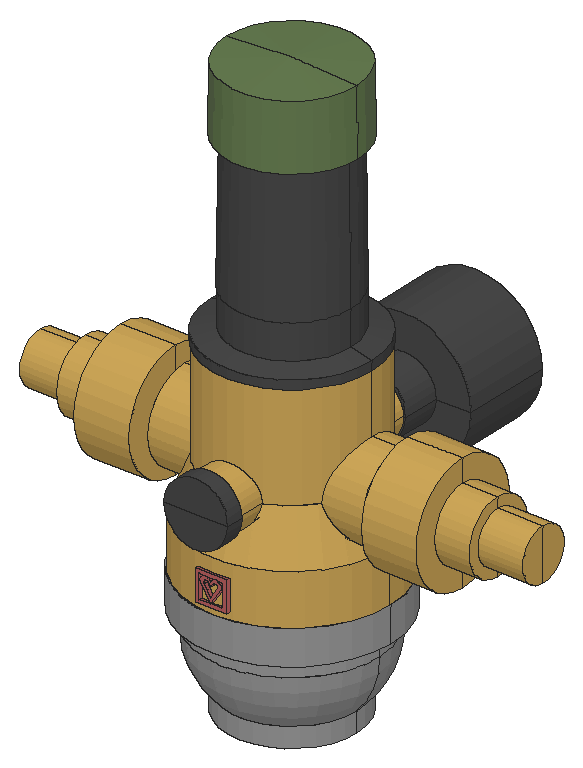
Revit family "Мембранный редуктор давления с крышкой фильтрующего элемента из прозрачного пластика 2682", category Rohrzubehör, Revit 2019
Family settings
  Bemaßung runder Anschluss = Durchmesser verwenden
  Teiletyp = Unterbricht
  OmniClass-Nummer = 23.65.55.14
  OmniClass-Titel = Valves for Liquid Services
  Arbeitsebenenbasiert = Nein
  Immer vertikal = Ja
  Beim Laden mit Abzugskörper schneiden = Nein
  Gemeinsam genutzt = Nein
Parameters (values of type "Манометр сзади")
  Фильтрующий элемент = "нержавеющая сталь, размер ячейки 0.3 мм"  # constant formula
  Пружина = "пружинная сталь"  # constant formula
  Примечание = "В соответствии со статьей 33 Регламента REACH (Registration; Evaluation; Authorisation; Restriction of Chemicals) (EC № 1907/2006) мы обязаны указать, что свинец внесен в список SVHC (Substances of Very High Concern - вещества очень высокой важности) и весовой процент свинца во всех латунных компонентах заводского изготовления в наших изделиях, превышает 0,1 % (w/w) (CAS: 7439-92-1 / EINECS: 231-100-4).\r\nПоскольку свинец является легирующим компонентом сплава, прямое негативное влияние исключается, и поэтому дополнительной информации о безопасном использовании не требуется."
  Область применения = "Мембранный редуктор давления защищает установки от избыточного давления (снижает давление на входе до рабочего уровня).\r\nРедуктор также может использоваться в системах отопления для защиты водонагревателя от высокого давления.\r\nДавление на выходе настраивается в указанном диапазоне и не зависит от изменения давления на входе.\r\nДавление на выходе можно регулировать путем поворота зеленого маховика. \r\nПри повороте маховика по часовой стрелке увеличивается давление на выходе.\r\nПревышение значений, указанных на шкале редуктора, может привести к повреждению устройства.\r\nДля систем в частных домах рекомендуется установить давление на выходе равным 4 бара, что обеспечивает длительный срок службы изделия и низкие затраты во время его эксплуатации.\r\nПосле изменения настройки необходимо открыть и затем закрыть водоразборный кран и далее проконтролировать достигнутое значение настроенного давления по манометру при закрытом кране водоразбора."
  Номер заказа [instance] = size_lookup("2682_K_", "Artnr", 0, Nennweite)  # 1268211
  Направляющая пружины = "нержавеющая сталь"  # constant formula
  Маховик = "пластик PA6.6, зеленого цвета"  # constant formula
  Макс. рабочая температура = 40 °C  # constant formula
  Букса = "PA6.6"  # constant formula
  Заводская настройка давления на выходе = 300000.0 Pa  # constant formula
  W01 = 91.00°  # constant formula
  Vorne [instance] = no
  VRL03 [instance] = size_lookup("2682_K_", "VRL3", 1.000 mm, Nennweite)  # 23.500 mm
  VRL02 [instance] = size_lookup("2682_K_", "VRL2", 1.000 mm, Nennweite)  # 16.000 mm
  VRL01 [instance] = size_lookup("2682_K_", "VRL1", 1.000 mm, Nennweite)  # 73.500 mm
  VRD02 [instance] = size_lookup("2682_K_", "VRD2", 1.000 mm, Nennweite)  # 17.000 mm
  VRD01 [instance] = size_lookup("2682_K_", "VRD1", 1.000 mm, Nennweite)  # 10.500 mm
  VRAG [instance] = Nennweite / 2  # 7.500 mm
  URL = "www.herz-armaturen.ru"
  Стандарт = "EN 1567"  # constant formula
  SC_NennweiteBerechnet = 0
  SC_Dimension = ""
  SCTWSEQ = "AW;SBT_TYP_AW=\"111\";2"
  SCTWCODE = "04;24;02"  # constant formula
  S02 = 10.000 mm  # constant formula
  S01 [instance] = VRD02 * 2  # 34.000 mm
  R07 [instance] = R05 + 0.800 mm  # 9.300 mm
  R06 = 19.500 mm  # constant formula
  R05 [instance] = size_lookup("2682_K_", "R5", 1.000 mm, Nennweite)  # 8.500 mm
  R04 [instance] = size_lookup("2682_K_", "R4", 1.000 mm, Nennweite)  # 18.900 mm
  R03 [instance] = size_lookup("2682_K_", "R3", 1.000 mm, Nennweite)  # 19.250 mm
  R02 [instance] = size_lookup("2682_K_", "R2", 1.000 mm, Nennweite)  # 28.750 mm
  R01 [instance] = size_lookup("2682_K_", "R1", 1.000 mm, Nennweite)  # 23.250 mm
  Nennweite [instance] = 15.000 mm
  Мембрана = "EPDM"  # constant formula
  Среда = "Питьевая вода"  # constant formula
  Макс. давление на входе = 1600000.0 Pa  # constant formula
  Шкала манометра = "0 - 10 bar"  # constant formula
  Подключение манометра (с обеих сторон) = "1/4\" F (ISO 228-1)"
  LO01 [instance] = H02 - 2.000 mm  # 27.000 mm
  L01 [instance] = size_lookup("2682_K_", "L1", 1.000 mm, Nennweite)  # 10.600 mm
  L00 [instance] = size_lookup("2682_K_", "L", 1.000 mm, Nennweite)  # 84.000 mm
  Крышка = "пластик PA12, прозрачный"  # constant formula
  Соединение "американка" = "латунь CW617N"  # constant formula
  Hinten [instance] = yes
  Hersteller = "HERZ Armaturen Ges.m.b.H."  # constant formula
  H12 [instance] = size_lookup("2682_K_", "H12", 1.000 mm, Nennweite)  # 5.800 mm
  H11 [instance] = size_lookup("2682_K_", "H11", 1.000 mm, Nennweite)  # 10.000 mm
  H10 [instance] = size_lookup("2682_K_", "H10", 1.000 mm, Nennweite)  # 37.000 mm
  H09 [instance] = H01 + H04 - H05  # 84.500 mm
  H08 [instance] = size_lookup("2682_K_", "H8", 1.000 mm, Nennweite)  # 20.000 mm
  H07 [instance] = size_lookup("2682_K_", "H7", 1.000 mm, Nennweite)  # 10.000 mm
  H06 [instance] = size_lookup("2682_K_", "H6", 1.000 mm, Nennweite)  # 2.500 mm
  H05 [instance] = size_lookup("2682_K_", "H5", 1.000 mm, Nennweite)  # 4.700 mm
  H04 [instance] = size_lookup("2682_K_", "H4", 1.000 mm, Nennweite)  # 58.700 mm
  H03 [instance] = D02 + 1.000 mm  # 14.220 mm
  H02 [instance] = size_lookup("2682_K_", "H2", 1.000 mm, Nennweite)  # 29.000 mm
  H01 [instance] = size_lookup("2682_K_", "H1", 1.000 mm, Nennweite)  # 30.500 mm
  Корпус (DN32-DN50) = "литая латунь (EN 1982; CC770S)"  # constant formula
  Корпус (DN15-DN25) = "штампованная латунь (EN 12165; CW626N)"  # constant formula
  GT1 [instance] = size_lookup("2682_K_", "GT1", 1.000 mm, Nennweite)  # 12.000 mm
  GT [instance] = size_lookup("2682_K_", "GT", 1.000 mm, Nennweite)  # 13.200 mm
  Диапазон настройки выходного давления = "1.5 - 6 bar"  # constant formula
  Уплотнение в мембранном редукторе = "EPDM"  # constant formula
  Уплотнение соединения "американка" = "Klingersil C-4324"  # constant formula
  D09 [instance] = size_lookup("2682_K_", "D9", 1.000 mm, Nennweite)  # 19.000 mm
  D08 [instance] = size_lookup("2682_K_", "D8", 1.000 mm, Nennweite)  # 25.800 mm
  D07 [instance] = size_lookup("2682_K_", "D7", 1.000 mm, Nennweite)  # 29.000 mm
  D06 [instance] = size_lookup("2682_K_", "D6", 1.000 mm, Nennweite)  # 16.000 mm
  D05 [instance] = size_lookup("2682_K_", "D5", 1.000 mm, Nennweite)  # 16.800 mm
  D04 [instance] = size_lookup("2682_K_", "D4", 1.000 mm, Nennweite)  # 17.300 mm
  D03 [instance] = size_lookup("2682_K_", "D3", 1.000 mm, Nennweite)  # 23.500 mm
  D02 [instance] = size_lookup("2682_K_", "D2", 1.000 mm, Nennweite)  # 13.220 mm
  D01 [instance] = size_lookup("2682_K_", "D1", 1.000 mm, Nennweite)  # 9.525 mm
  B03 = 5.000 mm  # constant formula
  B02 = 26.000 mm  # constant formula
  B01 [instance] = size_lookup("2682_K_", "B1", 1.000 mm, Nennweite)  # 30.000 mm
  B00 [instance] = size_lookup("2682_K_", "B", 1.000 mm, Nennweite)  # 67.000 mm
  Наружная резьба подключения = "в соответствии с ISO 7-1 и ISO228"  # constant formula
Types (3, lengths in mm): name | Vorne | Hinten
  (no name) | no | yes
  Манометр спереди | yes | no
  Манометр сзади | no | yes
Reference planes
  plane 1 "Mitte (Vorne/hinten)": y = 0
  plane 2: z = 0
  plane 3 "Mitte (Links/rechts)": x = 0
Forms (mm)
  Revolve 1, solid, material "Messing, weicher Gelbton, geschweißt", detail levels fine
    sketch origin (0, 0, 0) x (1, 0, 0) y (0, 0, 1)
      loop
        line (-42, 0) -> (42, 0) -> (42, 9.525) -> (31.4, 9.525) -> (31.4, 13.22) -> (-31.4, 13.22) -> (-31.4, 9.525) -> (-42, 9.525) -> (-42, 0)
      axis (-42, 0) -> (42, 0)
    angle from 0 to 360
  Revolve 2, solid, material "Messing, weicher Gelbton, geschweißt", detail levels fine
    sketch origin (0, 0, 0) x (1, 0, 0) y (0, 0, 1)
      loop
        line (0, -29) -> (28.75, -29) -> (28.75, -14.22) -> (23.25, 0) -> (23.25, 30.5) -> (0, 30.5) -> (0, -29)
      axis (0, 30.5) -> (0, -29)
    angle from 0 to 360
  Revolve 3, solid, material "Acetalharz, Schwarz", detail levels fine
    sketch origin (0, 0, 0) x (1, 0, 0) y (0, 0, 1)
      loop
        line (0, 30.5) -> (0, 89.2) -> (-16, 89.2) -> (-16, 84.5) -> (-16.8, 84.5) -> (-17.3, 44.5) -> (-17.3, 34.5) -> (-23.5, 33) -> (-23.5, 30.5) -> (0, 30.5)
      axis (0, 89.2) -> (0, 30.5)
    angle from 0 to 360
  Revolve 4, solid, material "Kunststoff GRÜN", detail levels fine
    sketch origin (0, 0, 0) x (1, 0, 0) y (0, 0, 1)
      loop
        line (0, 84.5) -> (19.25, 84.5) -> (18.9, 103.392)
        arc (18.9, 103.392) -> (9.466, 104.223) -> (0, 104.5) r 161.794
        line (0, 104.5) -> (0, 84.5)
      axis (0, 104.5) -> (0, 84.5)
    angle from 0 to 360
  Revolve 5, solid, material "Kunststoff, transparent", detail levels fine
    sketch origin (0, 0, 0) x (1, 0, 0) y (0, 0, 1)
      loop
        line (0, -29) -> (0, -66) -> (19, -66) -> (19, -60.2)
        arc (19, -60.2) -> (24.034, -52.577) -> (25.8, -43.615) r 23.626
        line (25.8, -43.615) -> (25.8, -39) -> (29, -39) -> (29, -29) -> (0, -29)
      axis (0, -29) -> (0, -66)
    angle from 0 to 360
  Revolve 6, solid, material "Messing, weicher Gelbton, geschweißt", detail levels fine
    sketch origin (0, 0, 0) x (1, 0, 0) y (0, 0, 1)
      loop
        line (34, 9.525) -> (46, 9.525) -> (46, 0) -> (73.5, 0) -> (73.5, 7.5) -> (60.3, 7.5) -> (60.3, 10.5) -> (50, 10.5) -> (50, 17) -> (34, 17) -> (34, 9.525)
      loop
        line (-34, 9.525) -> (-34, 17) -> (-50, 17) -> (-50, 10.5) -> (-60.3, 10.5) -> (-60.3, 7.5) -> (-73.5, 7.5) -> (-73.5, 0) -> (-46, 0) -> (-46, 9.525) -> (-34, 9.525)
      axis (-73.5, 0) -> (73.5, 0)
    angle from 0 to 360
  Revolve 7, solid, material "Messing, weicher Gelbton, geschweißt", detail levels fine
    sketch origin (0, 0, 0) x (1, 0, 0) y (0, 1, 0)
      loop
        line (0, 30) -> (0, -30) -> (8.5, -30) -> (8.5, 30) -> (0, 30)
      axis (0, 30) -> (0, -30)
    angle from 0 to 360
  Revolve 8, solid, material "Acetalharz, Schwarz", visible <- "Vorne", detail levels fine
    sketch origin (0, 0, 0) x (1, 0, 0) y (0, 1, 0)
      loop
        line (0, -30) -> (0, -65) -> (17.5, -65) -> (17.5, -67) -> (19.5, -67) -> (19.5, -41) -> (9.3, -41) -> (9.3, -30) -> (0, -30)
      axis (0, -30) -> (0, -67)
    angle from 0 to 360
  Revolve 9, solid, material "Acetalharz, Schwarz", visible <- "Vorne", detail levels fine
    sketch origin (0, 0, 0) x (1, 0, 0) y (0, 1, 0)
      loop
        line (0, 30) -> (9.3, 30) -> (9.3, 35) -> (0, 35) -> (0, 30)
      axis (0, 35) -> (0, 30)
    angle from 0 to 360
  Revolve 10, solid, material "Acetalharz, Schwarz", visible <- "Hinten", detail levels fine
    sketch origin (0, 0, 0) x (1, 0, 0) y (0, -1, 0)
      loop
        line (0, 30) -> (9.3, 30) -> (9.3, 35) -> (0, 35) -> (0, 30)
      axis (0, 35) -> (0, 30)
    angle from 0 to 360
  Revolve 11, solid, material "Acetalharz, Weiß", visible <- "Vorne", detail levels fine
    sketch origin (0, 0, 0) x (1, 0, 0) y (0, 1, 0)
      loop
        line (0, -65) -> (0, -66.5) -> (17.5, -66.5) -> (17.5, -65) -> (0, -65)
      axis (0, -65) -> (0, -66.5)
    angle from 0 to 360
  Revolve 12, solid, material "Acetalharz, Schwarz", visible <- "Hinten", detail levels fine
    sketch origin (0, 0, 0) x (1, 0, 0) y (0, -1, 0)
      loop
        line (0, -30) -> (0, -65) -> (17.5, -65) -> (17.5, -67) -> (19.5, -67) -> (19.5, -41) -> (9.3, -41) -> (9.3, -30) -> (0, -30)
      axis (0, -30) -> (0, -67)
    angle from 0 to 360
  Revolve 13, solid, material "Acetalharz, Weiß", visible <- "Hinten", detail levels fine
    sketch origin (0, 0, 0) x (1, 0, 0) y (0, -1, 0)
      loop
        line (0, -65) -> (0, -66.5) -> (17.5, -66.5) -> (17.5, -65) -> (0, -65)
      axis (0, -65) -> (0, -66.5)
    angle from 0 to 360
Lines and regions (mm)
  model lines, detail levels coarse+medium
    curve 1: line (-42, 0, -17) -> (-42, 0, 17)
    curve 2: line (-42, 0, 17) -> (42, 0, -34)
    curve 3: line (42, 0, -34) -> (42, 0, 34)
    curve 4: line (42, 0, 34) -> (-42, 0, -17)
    curve 5: line (-42, 0, 17) -> (-52, 0, 17)
    curve 6: line (-52, 0, 17) -> (-42, 0, 0)
    curve 7: line (-42, 0, -17) -> (-52, 0, -17)
    curve 8: line (-52, 0, -17) -> (-42, 0, 0)
    curve 9: line (-42, 0, 0) -> (-73.5, 0, 0)
    curve 10: line (42, 0, 17) -> (52, 0, 17)
    curve 11: line (52, 0, 17) -> (42, 0, 0)
    curve 12: line (42, 0, -17) -> (52, 0, -17)
    curve 13: line (52, 0, -17) -> (42, 0, 0)
    curve 14: line (42, 0, 0) -> (73.5, 0, 0)
    curve 15: line (-42, -17, 0) -> (-42, 17, 0)
    curve 16: line (-42, 17, 0) -> (42, -34, 0)
    curve 17: line (42, -34, 0) -> (42, 34, 0)
    curve 18: line (42, 34, 0) -> (-42, -17, 0)
    curve 19: line (-42, 17, 0) -> (-52, 17, 0)
    curve 20: line (-52, 17, 0) -> (-42, 0, 0)
    curve 21: line (-42, -17, 0) -> (-52, -17, 0)
    curve 22: line (-52, -17, 0) -> (-42, 0, 0)
    curve 23: line (42, 0, -17) -> (42, 0, 17)
    curve 24: line (42, 0, 17) -> (52, 0, 17)
    curve 25: line (52, 0, 17) -> (42, 0, 0)
    curve 26: line (42, 17, 0) -> (52, 17, 0)
    curve 27: line (52, 17, 0) -> (42, 0, 0)
    curve 28: line (42, -17, 0) -> (52, -17, 0)
    curve 29: line (52, -17, 0) -> (42, 0, 0)
Dimensions and locks
  equal spacing: Revolve 1 sketch curve, plane 3 "Mitte (Links/rechts)", Revolve 1 sketch curve
  "L00": Revolve 1 sketch curve to Revolve 1 sketch curve
  "L01": Revolve 1 sketch curve to Revolve 1 sketch curve  (x2)
  "D01": Revolve 1 sketch curve to Revolve 1 sketch curve  (x2)
  "D02": Revolve 1 sketch curve to plane 2
  "R01": Revolve 2 sketch curve to Revolve 2 sketch curve
  "R02": Revolve 2 sketch curve to Revolve 2 sketch curve
  "H01": Revolve 2 sketch curve to plane 2
  "H02": plane 2 to Revolve 2 sketch curve
  "H03": plane 2 to Revolve 2 sketch curve
  "H01": Revolve 3 sketch curve to plane 2
  "H04": Revolve 3 sketch curve to Revolve 3 sketch curve
  "H05": Revolve 3 sketch curve to Revolve 3 sketch curve
  "H06": Revolve 3 sketch curve to Revolve 3 sketch curve
  "H07": Revolve 3 sketch curve to Revolve 3 sketch curve
  "D03": Revolve 3 sketch curve to Revolve 3 sketch curve
  "D04": Revolve 3 sketch curve to Revolve 3 sketch curve
  "D05": Revolve 3 sketch curve to Revolve 3 sketch curve
  "D06": Revolve 3 sketch curve to Revolve 3 sketch curve
  "R03": Revolve 4 sketch curve to Revolve 4 sketch curve
  "H08": Revolve 4 sketch curve to Revolve 4 sketch curve
  "R04": Revolve 4 sketch curve to plane 3 "Mitte (Links/rechts)"
  "H09": Revolve 4 sketch curve to plane 2
  "H10": Revolve 5 sketch curve to Revolve 5 sketch curve
  "H02": plane 2 to Revolve 5 sketch curve
  "D07": Revolve 5 sketch curve to Revolve 5 sketch curve
  "H11": Revolve 5 sketch curve to Revolve 5 sketch curve
  "D08": Revolve 5 sketch curve to Revolve 5 sketch curve
  "H12": Revolve 5 sketch curve to Revolve 5 sketch curve
  "D09": Revolve 5 sketch curve to Revolve 5 sketch curve
  "VRL02": Revolve 6 sketch curve to Revolve 6 sketch curve  (x2)
  "VRL01": Revolve 6 sketch curve to plane 3 "Mitte (Links/rechts)"
  "GT": Revolve 6 sketch curve to Revolve 6 sketch curve  (x2)
  "VRL03": Revolve 6 sketch curve to Revolve 6 sketch curve  (x2)
  "D01": Revolve 6 sketch curve to plane 2  (x2)
  "GT1": Revolve 6 sketch curve to Revolve 6 sketch curve  (x2)
  "VRAG": Revolve 6 sketch curve to plane 2  (x2)
  "VRD01": Revolve 6 sketch curve to plane 2  (x2)
  "VRD02": Revolve 6 sketch curve to Revolve 6 sketch curve  (x2)
  "VRL01": plane 3 "Mitte (Links/rechts)" to Revolve 6 sketch curve
  "B01": Revolve 7 sketch curve to plane 1 "Mitte (Vorne/hinten)" to Revolve 7 sketch curve
  "R05": Revolve 7 sketch curve to Revolve 7 sketch curve
  "B00": Revolve 8 sketch curve to plane 1 "Mitte (Vorne/hinten)"
  "B01": plane 1 "Mitte (Vorne/hinten)" to Revolve 8 sketch curve
  "B02": Revolve 8 sketch curve to Revolve 8 sketch curve
  "R06": Revolve 8 sketch curve to Revolve 8 sketch curve
  "R07": Revolve 8 sketch curve to Revolve 8 sketch curve
  "R02": nested 1 to plane 1 "Mitte (Vorne/hinten)"
  "LO01": plane 2 to nested 1
  "VRD02": curve 2 to plane 2 to curve 4
  "S01": curve 4 to plane 2 to curve 3
  equal spacing: curve 3, plane 3 "Mitte (Links/rechts)", curve 1
  "L00": curve 3 to curve 1
  "S02": curve 1 to curve 6
  "S02": curve 1 to curve 8
  "VRL01": plane 3 "Mitte (Links/rechts)" to curve 9
  "S02": curve 11 to curve 3
  "S02": curve 13 to curve 3
  "VRL01": curve 14 to plane 3 "Mitte (Links/rechts)"
  "VRD02": curve 10 to plane 2 to curve 12
  equal spacing: curve 15, plane 3 "Mitte (Links/rechts)", curve 17
  "L00": curve 15 to curve 17
  "VRD02": curve 18 to plane 1 "Mitte (Vorne/hinten)" to curve 16
  "S01": curve 17 to plane 1 "Mitte (Vorne/hinten)" to curve 18
  "S02": curve 20 to curve 15
  "S02": curve 22 to curve 15
  "S02": curve 17 to curve 27
  "S02": curve 17 to curve 29
  "VRD02": curve 28 to plane 1 "Mitte (Vorne/hinten)" to curve 26
  "R07": Revolve 9 sketch curve to Revolve 9 sketch curve
  "B01": plane 1 "Mitte (Vorne/hinten)" to Revolve 9 sketch curve
  "B03": Revolve 9 sketch curve to Revolve 9 sketch curve
  "R07": Revolve 10 sketch curve to Revolve 10 sketch curve
  "B03": Revolve 10 sketch curve to Revolve 10 sketch curve
  "B01": Revolve 10 sketch curve to plane 1 "Mitte (Vorne/hinten)"
  "B02": Revolve 12 sketch curve to Revolve 12 sketch curve
  "R06": Revolve 12 sketch curve to Revolve 12 sketch curve
  "R07": Revolve 12 sketch curve to Revolve 12 sketch curve
  aligned and locked: level to plane 2
Automatic sketch dimensions
  Revolve 11 sketch curve to plane 3 "Mitte (Links/rechts)" = 0.000 mm  (x2)
  plane 3 "Mitte (Links/rechts)" to Revolve 11 sketch curve = 17.500 mm
  plane 1 "Mitte (Vorne/hinten)" to Revolve 11 sketch curve = 66.500 mm
  Revolve 11 sketch curve to Revolve 11 sketch curve = 1.500 mm
  Revolve 11 sketch curve to Revolve 11 sketch curve = 1933.500 mm
  Revolve 11 sketch curve to plane 1 "Mitte (Vorne/hinten)" = 2000.000 mm
  Revolve 13 sketch curve to plane 3 "Mitte (Links/rechts)" = 0.000 mm  (x2)
  Revolve 13 sketch curve to plane 3 "Mitte (Links/rechts)" = 17.500 mm
  plane 1 "Mitte (Vorne/hinten)" to Revolve 13 sketch curve = 66.500 mm
  Revolve 13 sketch curve to Revolve 13 sketch curve = 1.500 mm
  Revolve 13 sketch curve to Revolve 13 sketch curve = 1933.500 mm
  Revolve 13 sketch curve to plane 1 "Mitte (Vorne/hinten)" = 2000.000 mm
  curve 25 to level = 0.000 mm
  curve 14 to level = 0.000 mm
  curve 6 to level = 0.000 mm
  curve 8 to level = 0.000 mm
  curve 24 to curve 10 = 0.000 mm
  plane 1 "Mitte (Vorne/hinten)" to curve 29 = 0.000 mm
  plane 1 "Mitte (Vorne/hinten)" to curve 20 = 0.000 mm
  Revolve 1 sketch curve to level = 0.000 mm  (x2)
  Revolve 1 sketch curve to Revolve 1 sketch curve = 1464.530 mm
  Revolve 1 sketch curve to Revolve 1 sketch curve = 1797.148 mm
  Revolve 2 sketch curve to plane 3 "Mitte (Links/rechts)" = 0.000 mm  (x2)
  Revolve 2 sketch curve to level = 0.000 mm
  Revolve 2 sketch curve to Revolve 2 sketch curve = 337.045 mm
  Revolve 2 sketch curve to Revolve 2 sketch curve = 2183.815 mm
  Revolve 3 sketch curve to plane 3 "Mitte (Links/rechts)" = 0.000 mm  (x2)
  Revolve 3 sketch curve to Revolve 3 sketch curve = 1.500 mm
  Revolve 3 sketch curve to level = 366.045 mm
  Revolve 3 sketch curve to Revolve 3 sketch curve = 2125.115 mm
  Revolve 4 sketch curve to plane 3 "Mitte (Links/rechts)" = 0.000 mm  (x2)
  Revolve 4 sketch curve to level = 57.294 mm
  Revolve 4 sketch curve to Revolve 4 sketch curve = 308.751 mm
  Revolve 4 sketch curve to Revolve 4 sketch curve = 2109.815 mm
  Revolve 5 sketch curve to plane 3 "Mitte (Links/rechts)" = 0.000 mm  (x2)
  plane 3 "Mitte (Links/rechts)" to Revolve 5 sketch curve = 2.174 mm
  Revolve 5 sketch curve to Revolve 5 sketch curve = 300.045 mm
  level to Revolve 5 sketch curve = 2214.315 mm
  Revolve 6 sketch curve to level = 0.000 mm  (x3)
  Revolve 6 sketch curve to Revolve 6 sketch curve = 1433.030 mm
  Revolve 6 sketch curve to Revolve 6 sketch curve = 1765.648 mm
  Revolve 7 sketch curve to plane 3 "Mitte (Links/rechts)" = 0.000 mm  (x2)
  Revolve 7 sketch curve to Revolve 7 sketch curve = 1950.000 mm  (x2)
  Revolve 8 sketch curve to plane 3 "Mitte (Links/rechts)" = 0.000 mm  (x2)
  Revolve 8 sketch curve to Revolve 8 sketch curve = 2.000 mm  (x2)
  Revolve 8 sketch curve to Revolve 8 sketch curve = 0.000 mm
  Revolve 8 sketch curve to plane 1 "Mitte (Vorne/hinten)" = 2000.000 mm
  Revolve 9 sketch curve to plane 3 "Mitte (Links/rechts)" = 0.000 mm  (x2)
  plane 1 "Mitte (Vorne/hinten)" to Revolve 9 sketch curve = 2000.000 mm
  Revolve 9 sketch curve to Revolve 9 sketch curve = 1963.119 mm
  Revolve 10 sketch curve to plane 3 "Mitte (Links/rechts)" = 0.000 mm  (x2)
  plane 1 "Mitte (Vorne/hinten)" to Revolve 10 sketch curve = 2000.000 mm
  Revolve 10 sketch curve to Revolve 10 sketch curve = 1963.119 mm
  Revolve 12 sketch curve to plane 3 "Mitte (Links/rechts)" = 0.000 mm  (x2)
  Revolve 12 sketch curve to Revolve 12 sketch curve = 2.000 mm  (x2)
  plane 1 "Mitte (Vorne/hinten)" to Revolve 12 sketch curve = 67.000 mm
  Revolve 12 sketch curve to Revolve 12 sketch curve = 11.000 mm
  Revolve 12 sketch curve to Revolve 12 sketch curve = 0.000 mm
  Revolve 12 sketch curve to plane 1 "Mitte (Vorne/hinten)" = 2000.000 mm
Nested families
  nested 1: "Herz-Logo-vorne" at (0, -28.75, -22.5) x (0, 1, 0) z (0, 0, 1), type "Herz-Logo-vorne", detail levels fine
Connectors
  piping at (73.5, 0, 0), diameter 15, driven by "Nennweite"
    settings: on Revolve 6, index 1, connector inside diameter 609.6 mm, connector length 0.000 mm, flow factor 0, pipe flow 0.0 L/s, pressure drop 0.0 Pa, fitting loss kfactor 0, connector angle 0.00°, fixture units 0, engagement length 0.000 mm, angle of deflection 0.00°, flow configuration 0, flow direction 2, fitting loss method 0, system type 29, joint type 0, gender type 0, connector reference index -1, connector utility 0, adjustable connector no, is connector primary yes, connector description ""
  piping at (-73.5, 0, 0), diameter 15, driven by "Nennweite"
    settings: on Revolve 6, index 2, connector inside diameter 609.6 mm, connector length 0.000 mm, flow factor 0, pipe flow 0.0 L/s, pressure drop 0.0 Pa, fitting loss kfactor 0, connector angle 0.00°, fixture units 0, engagement length 0.000 mm, angle of deflection 0.00°, flow configuration 0, flow direction 1, fitting loss method 0, system type 29, joint type 0, gender type 0, connector reference index -1, connector utility 0, adjustable connector no, is connector primary no, connector description ""
Definition of nested family "Herz-Logo-vorne"
  Reference planes
    plane 1 "Mitte (Vorne/hinten)": y = 0
    plane 2: z = 0
    plane 3 "Mitte (Links/rechts)": x = 0
  Forms (mm)
    Extrusion 1, solid
      sketch origin (0.732, -0.018, 0.017) x (0, -1, 0) y (0, 0, 1)
        loop
          line (-0.018, -4.517) -> (4.482, -4.517) -> (4.482, 4.483) -> (-4.518, 4.483) -> (-4.518, -4.517) -> (-0.018, -4.517)
        loop
          line (-0.05, -3.48) -> (3.482, -3.48) -> (3.482, 3.483) -> (-3.518, 3.483) -> (-3.518, -3.48) -> (-0.05, -3.48)
        loop
          arc (-0.018, 2.383) -> (-1.543, 3.287) -> (-3.067, 2.383) r 1.738
          arc (-3.067, 2.383) -> (-3.191, 1.899) -> (-3.067, 1.415) r 1.009
          line (-3.067, 1.415) -> (-0.018, -3.281) -> (3.032, 1.415)
          arc (3.032, 1.415) -> (3.156, 1.899) -> (3.032, 2.383) r 1.009
          arc (3.032, 2.383) -> (1.507, 3.287) -> (-0.018, 2.383) r 1.738
        loop
          arc (1.885, 1.272) -> (2.005, 1.675) -> (1.885, 2.079) r 0.74
          arc (1.885, 2.079) -> (1.265, 2.416) -> (0.644, 2.079) r 0.74
          line (0.644, 2.079) -> (-0.018, 0.97) -> (-0.679, 2.079)
          arc (-0.679, 2.079) -> (-1.3, 2.416) -> (-1.921, 2.079) r 0.74
          arc (-1.921, 2.079) -> (-2.04, 1.675) -> (-1.921, 1.272) r 0.74
          line (-1.921, 1.272) -> (-0.018, -1.658) -> (1.885, 1.272)
      from 0 to 1.5
  Dimensions and locks
    aligned and locked: level to plane 2
